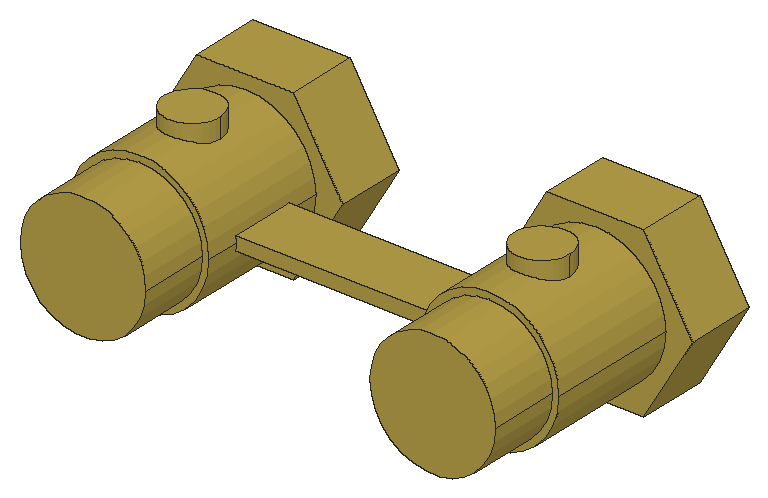
Revit family "Прямой H-образный клапан «Standart»", category Арматура трубопроводов, Revit 2020
Family settings
  Размер круглого соединителя = Использовать диаметр
  Тип детали = Клапан - Вставляется
  На основе рабочей плоскости = Нет
  Всегда вертикально = Нет
  При загрузке вырезать с полостями = Нет
  Общий = Да
Parameters (values of type "¾’’ (плоское упл)  – ¾’’ нар.")
  Пользовательский [instance] = yes
  Default Elevation = 0 mm
  Description = ""
  Assembly Code = ""
  built-in parameter 1114242 [instance] = (empty or 0)
  Manufacturer = ""
  URL = "https://www.weser.ru/about/documentation/"
  L2 = 35 mm
  L1 = 50 mm
  Kvs [instance] = 0.0 m³/h
  ADSK_Наименование краткое [instance] = "Запорно-присоединительный узел"  # constant formula
  ADSK_Наименование = "Прямой H-образный клапан «Standart»"
  ADSK_Материал = Латунь
  ADSK_Масса [instance] = 0
  ADSK_Код изделия = "891570.1"
  ADSK_Завод-изготовитель = "Weser"  # constant formula
  ADSK_Единица измерения = "шт."  # constant formula
  ADSK_Диаметр условный = 20 mm
  ADSK_Группирование [instance] = ""
  ADSK_URL страницы изделия [instance] = ""
  ADSK_URL документации изделия [instance] = ""
Types (2, lengths in mm): name | Пользовательский | built-in parameter 1114242 | ADSK_Наименование | ADSK_Код изделия
  ¾’’ Евроконус – ¾’’ нар. | no | 1 | "Прямой H-образный клапан «Standart» Евро" | "891570"
  ¾’’ (плоское упл)  – ¾’’ нар. | yes | (empty or 0) | "Прямой H-образный клапан «Standart»" | "891570.1"
Reference planes
  plane 1 "По центру (Вперед/Назад)": y = 0
  plane 2: z = 0
  plane 3 "По центру (Влево/Вправо)": x = 0
  plane 4: x = -25
  plane 5: x = 25
  plane 6: y = 19.5
  plane 7: y = -19.5
  plane 8: y = 9.5
  plane 9: y = -9.5
  plane 10: y = 4.75
  plane 11: y = -4.75
  plane 12: z = 12
Forms (mm)
  Extrusion 1, solid, material "Латунь" <- "ADSK_Материал", detail levels fine
    sketch origin (0, 0, 0) x (1, 0, 0) y (0, 0, 1)
      loop
        circle (-25, 0) r 10
      loop
        circle (25, 0) r 10
    from -19.5 to 9.5
  Extrusion 2, solid, material "Латунь" <- "ADSK_Материал", detail levels fine
    sketch origin (0, 0, 0) x (1, 0, 0) y (0, 0, 1)
      loop
        line (-31.928, 12) -> (-38.856, 0) -> (-31.928, -12) -> (-18.072, -12) -> (-11.144, 0) -> (-18.072, 12) -> (-31.928, 12)
      loop
        line (18.072, 12) -> (11.144, 0) -> (18.072, -12) -> (31.928, -12) -> (38.856, 0) -> (31.928, 12) -> (18.072, 12)
    from -19.5 to -9.5
  Extrusion 3, solid, material "Латунь" <- "ADSK_Материал", detail levels fine
    sketch origin (0, 0, 0) x (1, 0, 0) y (0, 0, 1)
      loop
        circle (-25, 0) r 9
      loop
        circle (25, 0) r 9
    from 9.5 to 19.5
  Extrusion 4, solid, material "Латунь" <- "ADSK_Материал", detail levels fine
    sketch origin (0, 0, 0) x (1, 0, 0) y (0, 1, 0)
      loop
        line (-25, 4.75) -> (-25, -4.75) -> (25, -4.75) -> (25, 4.75) -> (-25, 4.75)
    from -1 to 1
  Extrusion 5, solid, material "Латунь" <- "ADSK_Материал", detail levels fine
    sketch origin (0, 0, 0) x (1, 0, 0) y (0, 1, 0)
      loop
        circle (-25, 0) r 4
      loop
        circle (25, 0) r 4
    from 0 to 12
Cuts and joins
  joined: Extrusion 1, Extrusion 2, Extrusion 3, Extrusion 4, Extrusion 5
Dimensions and locks
  equal spacing: plane 4, plane 3 "По центру (Влево/Вправо)", plane 5
  "L1": plane 4 to plane 5
  equal spacing: plane 6, plane 1 "По центру (Вперед/Назад)", plane 7
  locked: plane 6 to plane 8 at 10
  plane 7 to plane 9 = 10 mm
  equal spacing: plane 8, plane 10, plane 1 "По центру (Вперед/Назад)", plane 11, plane 9
  plane 12 to level = 12 mm
  "ADSK_Диаметр условный": diameter of Extrusion 1 sketch curve  (x2)
  aligned and locked: level to plane 2
  aligned and locked: plane 6 to Extrusion 2
  aligned and locked: plane 6 to Extrusion 1
  aligned and locked: Extrusion 2 to plane 8
  aligned and locked: plane 9 to Extrusion 1
  aligned and locked: Extrusion 3 to Extrusion 1
  aligned and locked: Extrusion 3 to plane 7
  aligned and locked: Extrusion 5 to cut or joined group of Extrusion 1, Extrusion 2, Extrusion 3, Extrusion 4, Extrusion 5
  aligned and locked: Extrusion 5 to level
  aligned and locked: plane 4 to nested 1
  aligned and locked: nested 1 to plane 1 "По центру (Вперед/Назад)"
  aligned and locked: plane 5 to nested 2
  aligned and locked: plane 1 "По центру (Вперед/Назад)" to nested 2
Automatic sketch dimensions
  Extrusion 3 sketch curve to level = 0 mm  (x2)
  Extrusion 3 sketch curve to plane 4 = 0 mm
  Extrusion 3 sketch curve to plane 5 = 0 mm
  Extrusion 4 sketch curve to plane 4 = 0 mm
  Extrusion 4 sketch curve to plane 5 = 0 mm
  Extrusion 4 sketch curve to plane 11 = 0 mm
  Extrusion 4 sketch curve to plane 10 = 0 mm
  plane 1 "По центру (Вперед/Назад)" to Extrusion 5 sketch curve = 0 mm  (x2)
  Extrusion 5 sketch curve to plane 4 = 0 mm
  Extrusion 5 sketch curve to plane 5 = 0 mm
  Extrusion 1 sketch curve to level = 0 mm  (x2)
  Extrusion 1 sketch curve to plane 4 = 0 mm
  Extrusion 1 sketch curve to plane 5 = 0 mm
  radius of Extrusion 3 sketch curve = 9 mm  (x2)
  radius of Extrusion 5 sketch curve = 4 mm  (x2)
Nested families
  nested 1: "УГО Клапан регулирующий проходной" at (-25, 0, 0) x (0, 1, 0) z (0, 0, 1), type "УГО Клапан регулирующий проходной", detail levels coarse+medium
    with УГО в разрезе no, УГО в плане yes, L1 5.833 mm, L 35 mm, H 20 mm, D 20 mm, ADSK_Позиция "", ADSK_Обозначение "", ADSK_Наименование "", ADSK_Код изделия ""
  nested 2: "УГО Клапан регулирующий проходной" at (25, 0, 0) x (0, 1, 0) z (0, 0, 1), D <- "ADSK_Диаметр условный", L <- "L2", type "УГО Клапан запорный", detail levels coarse+medium
    with УГО в разрезе no, УГО в плане yes, L1 5.833 mm, L 35 mm, H 20 mm, D 20 mm, ADSK_Позиция "", ADSK_Обозначение "", ADSK_Наименование "", ADSK_Код изделия ""
Connectors
  piping at (-25, -9.5, 0), diameter 20, driven by "ADSK_Диаметр условный"
    settings: on cut or joined group of Extrusion 1, Extrusion 2, Extrusion 3, Extrusion 4, Extrusion 5, index 1, connector inside diameter 609.6 mm, connector length 0 mm, flow factor 0, pipe flow 0.0 m³/h, pressure drop 0.0 Pa, fitting loss kfactor 0, connector angle 0.00°, fixture units 0, engagement length 0 mm, angle of deflection 0.00°, flow configuration 0, flow direction 0, fitting loss method 0, system type 29, joint type 0, gender type 0, connector reference index 4, connector utility 0, adjustable connector no, is connector primary yes, connector description ""
  piping at (25, -9.5, 0), diameter 20, driven by "ADSK_Диаметр условный"
    settings: on cut or joined group of Extrusion 1, Extrusion 2, Extrusion 3, Extrusion 4, Extrusion 5, index 2, connector inside diameter 609.6 mm, connector length 0 mm, flow factor 0, pipe flow 0.0 m³/h, pressure drop 0.0 Pa, fitting loss kfactor 0, connector angle 0.00°, fixture units 0, engagement length 0 mm, angle of deflection 0.00°, flow configuration 0, flow direction 0, fitting loss method 0, system type 29, joint type 0, gender type 0, connector reference index 3, connector utility 0, adjustable connector no, is connector primary no, connector description ""
  piping at (25, 19.5, 0), diameter 20, driven by "ADSK_Диаметр условный"
    settings: on cut or joined group of Extrusion 1, Extrusion 2, Extrusion 3, Extrusion 4, Extrusion 5, index 3, connector inside diameter 609.6 mm, connector length 0 mm, flow factor 0, pipe flow 0.0 m³/h, pressure drop 0.0 Pa, fitting loss kfactor 0, connector angle 0.00°, fixture units 0, engagement length 0 mm, angle of deflection 0.00°, flow configuration 0, flow direction 0, fitting loss method 0, system type 28, joint type 0, gender type 0, connector reference index 2, connector utility 0, adjustable connector no, is connector primary no, connector description ""
  piping at (-25, 19.5, 0), diameter 20, driven by "ADSK_Диаметр условный"
    settings: on cut or joined group of Extrusion 1, Extrusion 2, Extrusion 3, Extrusion 4, Extrusion 5, index 4, connector inside diameter 609.6 mm, connector length 0 mm, flow factor 0, pipe flow 0.0 m³/h, pressure drop 0.0 Pa, fitting loss kfactor 0, connector angle 0.00°, fixture units 0, engagement length 0 mm, angle of deflection 0.00°, flow configuration 0, flow direction 0, fitting loss method 0, system type 28, joint type 0, gender type 0, connector reference index 1, connector utility 0, adjustable connector no, is connector primary no, connector description ""
  piping at (-25, 0, 12), diameter 10
    settings: on cut or joined group of Extrusion 1, Extrusion 2, Extrusion 3, Extrusion 4, Extrusion 5, index 5, connector inside diameter 609.6 mm, connector length 0 mm, flow factor 0, pipe flow 0.0 m³/h, pressure drop 0.0 Pa, fitting loss kfactor 0, connector angle 0.00°, fixture units 0, engagement length 0 mm, angle of deflection 0.00°, flow configuration 0, flow direction 0, fitting loss method 0, system type 28, joint type 0, gender type 0, connector reference index -1, connector utility 0, adjustable connector no, is connector primary no, connector description ""
  piping at (25, 0, 12), diameter 10
    settings: on cut or joined group of Extrusion 1, Extrusion 2, Extrusion 3, Extrusion 4, Extrusion 5, index 6, connector inside diameter 609.6 mm, connector length 0 mm, flow factor 0, pipe flow 0.0 m³/h, pressure drop 0.0 Pa, fitting loss kfactor 0, connector angle 0.00°, fixture units 0, engagement length 0 mm, angle of deflection 0.00°, flow configuration 0, flow direction 0, fitting loss method 0, system type 28, joint type 0, gender type 0, connector reference index -1, connector utility 0, adjustable connector no, is connector primary no, connector description ""
Definition of nested family "УГО Клапан регулирующий проходной"
  Parameters (values of type "УГО Клапан запорно-балансировочный ручной")
    УГО в разрезе [instance] = not(УГО в плане)  # no
    УГО в плане [instance] = yes
    Разработчик (телефон) = ""
    Разработчик (email) = ""
    Разработчик (URL) = ""
    Разработчик = ""
    Default Elevation = 0 mm
    Manufacturer = ""
    L1 [instance] = L / 6  # 16.667 mm
    L [instance] = 100 mm
    H [instance] = D  # 50 mm
    D [instance] = 50 mm
    ADSK_Позиция [instance] = ""
    ADSK_Обозначение [instance] = ""
    ADSK_Наименование [instance] = ""
    ADSK_Масса = 0
    ADSK_Количество = 1  # constant formula
    ADSK_Код изделия [instance] = ""
    ADSK_Завод-изготовитель = Manufacturer  # ""
    ADSK_Единица измерения = "шт"  # constant formula
    ADSK_URL документации изделия = ""
  Types (3, lengths in mm): name | L1 | L | H | D
    УГО Клапан регулирующий проходной | 33.333 | 200 | 100 | 100
    УГО Клапан запорный | 33.333 | 200 | 100 | 100
    УГО Клапан запорно-балансировочный ручной | 16.667 | 100 | 50 | 50
  Reference planes
    plane 1 "По центру (Вперед/Назад)": y = 0
    plane 2: z = 0
    plane 3 "По центру (Влево/Вправо)": x = 0
    plane 4: x = -50
    plane 5: x = -8.333
    plane 6: x = 50
    plane 7: x = 8.333
    plane 8: y = 50
    plane 9: y = 25
    plane 10: y = -25
    plane 11: z = 25
    plane 12: z = 50
    plane 13: z = -25
  Lines and regions (mm)
    model lines, visible <- "УГО в плане", detail levels coarse+medium
      curve 1: line (-50, 25, 0) -> (-50, -25, 0)
      curve 2: line (-50, -25, 0) -> (50, 25, 0)
      curve 3: line (50, 25, 0) -> (50, -25, 0)
      curve 4: line (50, -25, 0) -> (-50, 25, 0)
      curve 5: line (-8.333, 25, 0) -> (0, 0, 0)
      curve 6: line (0, 0, 0) -> (8.333, 25, 0)
      curve 7: line (8.333, 25, 0) -> (-8.333, 25, 0)
      curve 8: line (0, 50, 0) -> (0, 25, 0)
    model lines, visible <- "УГО в разрезе", detail levels coarse+medium
      curve 9: line (-50, 0, 25) -> (-50, 0, -25)
      curve 10: line (-50, 0, -25) -> (50, 0, 25)
      curve 11: line (50, 0, 25) -> (50, 0, -25)
      curve 12: line (50, 0, -25) -> (-50, 0, 25)
      curve 13: line (0, 0, 0) -> (-8.333, 0, 25)
      curve 14: line (-8.333, 0, 25) -> (8.333, 0, 25)
      curve 15: line (8.333, 0, 25) -> (0, 0, 0)
      curve 16: line (0, 0, 50) -> (0, 0, 25)
    symbolic lines, detail levels coarse+medium
      curve 17: line (-50, 0, 25) -> (-50, 0, -25)
      curve 18: line (-50, 0, -25) -> (50, 0, 25)
      curve 19: line (50, 0, 25) -> (50, 0, -25)
      curve 20: line (50, 0, -25) -> (-50, 0, 25)
      curve 21: line (0, 0, 0) -> (-8.333, 0, 25)
      curve 22: line (-8.333, 0, 25) -> (8.333, 0, 25)
      curve 23: line (8.333, 0, 25) -> (0, 0, 0)
      curve 24: line (0, 0, 25) -> (0, 0, 50)
      curve 25: line (-50, 25, 0) -> (-50, -25, 0)
      curve 26: line (-50, -25, 0) -> (50, 25, 0)
      curve 27: line (50, 25, 0) -> (50, -25, 0)
      curve 28: line (50, -25, 0) -> (-50, 25, 0)
      curve 29: line (0, 0, 0) -> (-8.333, 25, 0)
      curve 30: line (-8.333, 25, 0) -> (8.333, 25, 0)
      curve 31: line (8.333, 25, 0) -> (0, 0, 0)
      curve 32: line (0, 25, 0) -> (0, 50, 0)
  Dimensions and locks
    equal spacing: plane 4, plane 3 "По центру (Влево/Вправо)", plane 6
    "L": plane 4 to plane 6
    equal spacing: plane 5, plane 3 "По центру (Влево/Вправо)", plane 7
    "L1": plane 5 to plane 7
    equal spacing: plane 9, plane 1 "По центру (Вперед/Назад)", plane 10
    "D": plane 9 to plane 10
    "H": plane 8 to plane 1 "По центру (Вперед/Назад)"
    equal spacing: plane 11, level, plane 13
    "D": plane 11 to plane 13
    "H": plane 12 to level
    aligned and locked: level to plane 2
  Automatic sketch dimensions
    curve 15 to level = 0 mm
    curve 16 to plane 3 "По центру (Влево/Вправо)" = 0 mm
    curve 23 to level = 0 mm
    plane 7 to curve 14 = 0 mm
    curve 11 to plane 13 = 0 mm
    curve 16 to plane 12 = 0 mm
    curve 18 to plane 11 = 0 mm
    plane 6 to curve 20 = 0 mm
    curve 20 to plane 11 = 0 mm
    curve 21 to plane 5 = 0 mm
    curve 21 to level = 0 mm
    curve 21 to plane 11 = 0 mm
    curve 23 to plane 3 "По центру (Влево/Вправо)" = 0 mm
    curve 24 to plane 3 "По центру (Влево/Вправо)" = 0 mm
    curve 24 to plane 12 = 0 mm
    curve 9 to plane 4 = 0 mm
    curve 6 to plane 3 "По центру (Влево/Вправо)" = 0 mm
    curve 8 to plane 3 "По центру (Влево/Вправо)" = 0 mm
    curve 6 to plane 9 = 0 mm
    curve 26 to plane 9 = 0 mm
    curve 8 to plane 8 = 0 mm
    plane 10 to curve 25 = 0 mm
    curve 26 to plane 4 = 0 mm
    curve 26 to plane 6 = 0 mm
    plane 10 to curve 28 = 0 mm
    curve 28 to plane 9 = 0 mm
    curve 29 to plane 5 = 0 mm
    curve 29 to plane 3 "По центру (Влево/Вправо)" = 0 mm
    curve 31 to plane 7 = 0 mm
    curve 32 to plane 3 "По центру (Влево/Вправо)" = 0 mm
    curve 32 to plane 8 = 0 mm
